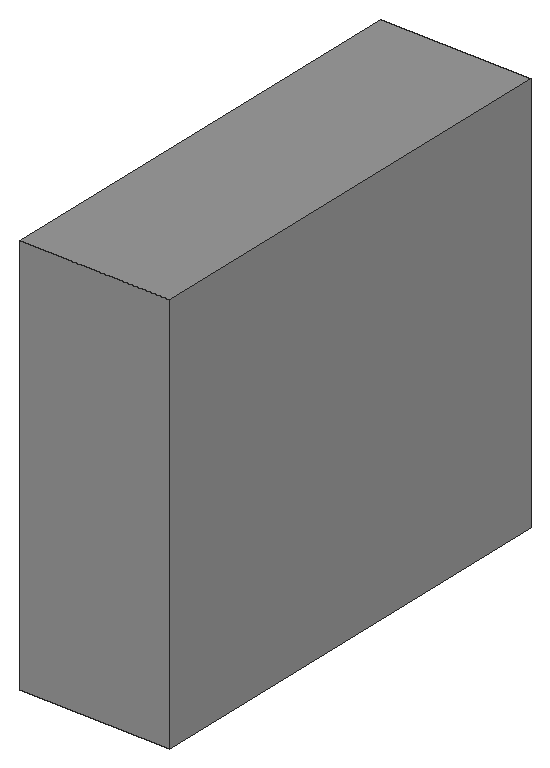
Revit family "PRE050012-FR", category Accessoire de canalisation, Revit 2017
Family settings
  Cote de connecteur circulaire = Utiliser le diamètre
  Type d'élément = Normal
  Basée sur le plan de construction = Non
  Toujours verticalement = Oui
  Couper avec des vides une fois chargée = Non
  Partagée = Non
Parameters (values of type "56632 PRESTO TOUCH SIMPLE PILE SS RA")
  Variantes = "56632-56633-56634-55635-56654"
  LC = 28 mm
  Garantie = "3"
  URL Fabricant = "http://www.prestodatashare.com/centretelechargement/index.php?lang=FR&refs=56632"
  URL = "http://www.prestodatashare.com/centretelechargement/index.php?lang=FR&refs=56632"
  Lien notice d'utilisation = "http://www.prestodatashare.com/centretelechargement/support.php?lang=FR&ref=56632"
  Lien fiche produit = "http://www.prestodatashare.com/espacedoc/Fiches_Techniques/FR/56632.pdf"
  Reference = "56632"
  Pression = "1 à 5 bars"
  Polantis code = "PRE050012-FR"
  Perte de charge = 0.0 Pa
  Profondeur = 168 mm
  Modèle = "56632 PRESTO TOUCH SIMPLE PILE SS RA"
  Matériau = Laiton poli chromé
  Lien CCTP = "http://www.prestodatashare.com/centretelechargement/index.php?lang=FR&refs=56632"
  Largeur = 56 mm
  PC = 30 mm
  Hauteur = 150 mm
  Fonction = "Pression d'utilisation recommandée :\r\n- 1 à 5 bars\r\n\r\nDébit :\r\n- 3 l/min par limiteur de débit intégré\r\n- Aérateur anti-tartre haute qualité\r\n- Dispositif anti-coup de bélier\r\n\r\nDurée d'écoulement :\r\n- 6 secondes (Réglable de 1 s à 5 min) et fonction marche/arrêt\r\n- Fréquence et durée d'écoulement forcé paramétrables\r\n\r\nAlimentation hydraulique:\r\n- G 3/8\" (12x17) en eau froide, chaude ou pré-mitigée\r\n\r\nAlimentation électrique :\r\n- Modèle avec pile lithium 6 volts type CRP2\r\n\r\nMatière et couleur de finition :\r\n- Composants en métal injecté avec traitement nickel-chrome\r\n- Corps en métal moulé injecté\r\n\r\nRésistance thermique :\r\n- Ce robinet résiste à une température de 75°C durant 30 minutes dans le cadre de chocs thermiques\r\n\r\nSécurité :\r\n- Fermeture automatique de l'électrovanne en cas d'usure de la pile\r\n\r\nLivré avec :\r\n- 1 Flexible PEX avec écrou femelle 3/8'' (12x17) et clapet anti-retour NF\r\n- 1 Joint filtre monté dans une douille laiton\r\n- 1 Bride de fixation\r\n- 1 Joint de bride\r\n- 1 Ecrou de fixation\r\n- 1 Notice de pose\r\n\r\nNormes / Agréments :\r\n- Traitement de surface Nickel-chrome selon NF EN12540\r\n- Résistance au brouillard salin neutre (NSS) : 200 h selon NF ISO 9227"
  Flux = 0.05 L/s
  Finition = "Composants en métal injecté avec traitement nickel-chrome\r\r\nCorps en métal moulé injecté"
  Fabricant = "LES ROBINETS PRESTO S.A."
  Diamètre Nominal = 12 mm
  Description = "Robinet simple sensitif (CE) temporisé (1s à 5mn) sur plage, alimentation en  eau froide ou mitigée. De type Presto TOUCH® réf. 56633 ou techniquement équivalent. Avec fonction start /stop par effleurement et régulateur de débit intégré (3 l/min). Alimentation par pile lithium 6 V intégrée dans le robinet. Avec flexibles PEX et filtre panier. Purge automatique paramétrable."
  Debit = "3 l/min par limiteur de débit intégré\r\r\nAérateur anti-tartre haute qualité\r\r\nDispositif anti-coup de bélier"
  Raccordement = "G 3/8\" (12x17) en eau froide, chaude ou pré-mitigée"
  Adresse = "7, RUE RACINE - 92542 MONTROUGE CEDEX FRANCE"
Types (5, lengths in mm): name | URL Fabricant | URL | Lien notice d'utilisation | Lien fiche produit | Reference | Polantis code | Modèle | Lien CCTP | Fonction | Flux | Description | Debit
  56632 PRESTO TOUCH SIMPLE PILE SS RA | "http://www.prestodatashare.com/centretelechargement/index.php?lang=FR&refs=56632" | "http://www.prestodatashare.com/centretelechargement/index.php?lang=FR&refs=56632" | "http://www.prestodatashare.com/centretelechargement/support.php?lang=FR&ref=56632" | "http://www.prestodatashare.com/espacedoc/Fiches_Techniques/FR/56632.pdf" | "56632" | "PRE050012-FR" | "56632 PRESTO TOUCH SIMPLE PILE SS RA" | "http://www.prestodatashare.com/centretelechargement/index.php?lang=FR&refs=56632" | "Pression d'utilisation recommandée :\r\n- 1 à 5 bars\r\n\r\nDébit :\r\n- 3 l/min par limiteur de débit intégré\r\n- Aérateur anti-tartre haute qualité\r\n- Dispositif anti-coup de bélier\r\n\r\nDurée d'écoulement :\r\n- 6 secondes (Réglable de 1 s à 5 min) et fonction marche/arrêt\r\n- Fréquence et durée d'écoulement forcé paramétrables\r\n\r\nAlimentation hydraulique:\r\n- G 3/8\" (12x17) en eau froide, chaude ou pré-mitigée\r\n\r\nAlimentation électrique :\r\n- Modèle avec pile lithium 6 volts type CRP2\r\n\r\nMatière et couleur de finition :\r\n- Composants en métal injecté avec traitement nickel-chrome\r\n- Corps en métal moulé injecté\r\n\r\nRésistance thermique :\r\n- Ce robinet résiste à une température de 75°C durant 30 minutes dans le cadre de chocs thermiques\r\n\r\nSécurité :\r\n- Fermeture automatique de l'électrovanne en cas d'usure de la pile\r\n\r\nLivré avec :\r\n- 1 Flexible PEX avec écrou femelle 3/8'' (12x17) et clapet anti-retour NF\r\n- 1 Joint filtre monté dans une douille laiton\r\n- 1 Bride de fixation\r\n- 1 Joint de bride\r\n- 1 Ecrou de fixation\r\n- 1 Notice de pose\r\n\r\nNormes / Agréments :\r\n- Traitement de surface Nickel-chrome selon NF EN12540\r\n- Résistance au brouillard salin neutre (NSS) : 200 h selon NF ISO 9227" | 0.05 L/s | "Robinet simple sensitif (CE) temporisé (1s à 5mn) sur plage, alimentation en  eau froide ou mitigée. De type Presto TOUCH® réf. 56633 ou techniquement équivalent. Avec fonction start /stop par effleurement et régulateur de débit intégré (3 l/min). Alimentation par pile lithium 6 V intégrée dans le robinet. Avec flexibles PEX et filtre panier. Purge automatique paramétrable." | "3 l/min par limiteur de débit intégré\r\r\nAérateur anti-tartre haute qualité\r\r\nDispositif anti-coup de bélier"
  56654 PRESTO TOUCH SIMPLE PILE RA - DEBIT 2L/MIN | "http://www.prestodatashare.com/centretelechargement/index.php?lang=FR&refs=56654" | "http://www.prestodatashare.com/centretelechargement/index.php?lang=FR&refs=56654" | "http://www.prestodatashare.com/centretelechargement/support.php?lang=FR&ref=56654" | "http://www.prestodatashare.com/espacedoc/Fiches_Techniques/FR/56654.pdf" | "56654" | "PRE050012d-FR" | "56654 PRESTO TOUCH SIMPLE PILE RA - DEBIT 2L/MIN" | "http://www.prestodatashare.com/centretelechargement/index.php?lang=FR&refs=56654" | "Pression d'utilisation recommandée :\r\n- 1 à 5 bars\r\n\r\nDébit :\r\n- 1,9 l/min par sprayer limiteur de débit intégré\r\n- Aérateur anti-tartre haute qualité\r\n- Dispositif anti-coup de bélier\r\n\r\nDurée d'écoulement :\r\n- 6 secondes (Réglable de 1 s à 5 min) et fonction marche/arrêt\r\n- Fréquence et durée d'écoulement forcé paramétrables\r\n\r\nAlimentation hydraulique:\r\n- G 3/8\" (12x17) en eau froide, chaude ou pré-mitigée\r\n\r\nAlimentation électrique :\r\n- Modèle avec pile lithium 6 volts type CRP2\r\n\r\nMatière et couleur de finition :\r\n- Composants en métal injecté avec traitement nickel-chrome\r\n- Corps en métal moulé injecté\r\n\r\nRésistance thermique :\r\n- Ce robinet résiste à une température de 75°C durant 30 minutes dans le cadre de chocs thermiques\r\n\r\nSécurité :\r\n- Fermeture automatique de l'électrovanne en cas d'usure de la pile\r\n\r\nLivré avec :\r\n- 1 Flexible PEX avec écrou femelle 3/8'' (12x17) et clapet anti-retour NF\r\n- 1 Joint filtre monté dans une douille laiton\r\n- 1 Robinet d'arrêt droit G 3/8'' (12x17)\r\n- 1 Bride de fixation\r\n- 1 Joint de bride\r\n- 1 Ecrou de fixation\r\n- 1 Notice de pose\r\n\r\nNormes / Agréments :\r\n- Traitement de surface Nickel-chrome selon NF EN12540\r\n- Résistance au brouillard salin neutre (NSS) : 200 h selon NF ISO 9227" | 0.0316667 L/s | "Robinet simple sensitif (CE) temporisé (1s à 5mn) sur plage, alimentation en  eau froide ou mitigée. De type Presto TOUCH® réf. 56654 ou techniquement équivalent. Avec fonction start /stop par effleurement et limiteur de débit intégré (1,9 l/mn). Alimentation par pile lithium 6 V intégrée dans le robinet. Avec flexibles PEX, robinet d’arrêt droit et filtre panier. Purge automatique paramétrable." | "1,9 l/min par limiteur de débit intégré\r (sprayer)\r\n Aérateur anti-tartre haute qualité\r\r\n Dispositif anti-coup de bélier"
  56635 PRESTO TOUCH SIMPLE SECTEUR RA | "http://www.prestodatashare.com/centretelechargement/index.php?lang=FR&refs=56635" | "http://www.prestodatashare.com/centretelechargement/index.php?lang=FR&refs=56635" | "http://www.prestodatashare.com/centretelechargement/support.php?lang=FR&ref=56635" | "http://www.prestodatashare.com/espacedoc/Fiches_Techniques/FR/56635.pdf" | "56635" | "PRE050012c-FR" | "56635 PRESTO TOUCH SIMPLE SECTEUR RA" | "http://www.prestodatashare.com/centretelechargement/index.php?lang=FR&refs=56635" | "Pression d'utilisation recommandée :\r\n- 1 à 5 bars\r\n\r\nDébit :\r\n- 3 l/min par limiteur de débit intégré\r\n- Aérateur anti-tartre haute qualité\r\n- Dispositif anti-coup de bélier\r\n\r\nDurée d'écoulement :\r\n- 6 secondes (Réglable de 1 s à 5 min) et fonction marche/arrêt\r\n- Fréquence et durée d'écoulement forcé paramétrables\r\n\r\nAlimentation hydraulique:\r\n- G 3/8\" (12x17) en eau froide, chaude ou pré-mitigée\r\n\r\nAlimentation électrique :\r\n- Avec transformateur 230 VAC / 7 VDC dans boîtier étanche IP65\r\n\r\nMatière et couleur de finition :\r\n- Composants en métal injecté avec traitement nickel-chrome\r\n- Corps en métal moulé injecté\r\n\r\nRésistance thermique :\r\n- Ce robinet résiste à une température de 75°C durant 30 minutes dans le cadre de chocs thermiques\r\n\r\nSécurité :\r\n- Fermeture automatique de l'électrovanne en cas d'absence d'alimentation\r\n\r\nLivré avec :\r\n- 1 Flexible PEX avec écrou femelle 3/8\" (12x17) et clapet anti-retour NF\r\n- 1 Joint filtre monté dans une douille laiton\r\n- 1 Robinet d'arrêt droit G 3/8'' (12x17)\r\n- 1 Bride de fixation\r\n- 1 Joint de bride\r\n- 1 Ecrou de fixation\r\n- 1 Notice de pose\r\n\r\nNormes / Agréments :\r\n- Traitement de surface Nickel-chrome selon NF EN12540\r\n- Résistance au brouillard salin neutre (NSS) : 200 h selon NF ISO 9227" | 0.05 L/s | "Robinet simple sensitif (CE) temporisé (1s à 5mn) sur plage, alimentation en  eau froide ou mitigée. De type Presto TOUCH® réf. 56635 ou techniquement équivalent. Avec fonction start /stop par effleurement et régulateur de débit intégré (3 l/min). Alimentation secteur par transformateur 230/7 Volt déporté dans boîtier étanche IP65. Avec flexible PEX, robinet d’arrêt droit et filtre panier. Purge automatique paramétrable." | "3 l/min par limiteur de débit intégré\r\r\nAérateur anti-tartre haute qualité\r\r\nDispositif anti-coup de bélier"
  56634 PRESTO TOUCH SIMPLE SECTEUR SS RA | "http://www.prestodatashare.com/centretelechargement/index.php?lang=FR&refs=56634" | "http://www.prestodatashare.com/centretelechargement/index.php?lang=FR&refs=56634" | "http://www.prestodatashare.com/centretelechargement/support.php?lang=FR&ref=56634" | "http://www.prestodatashare.com/espacedoc/Fiches_Techniques/FR/56634.pdf" | "56634" | "PRE050012b-FR" | "56634 PRESTO TOUCH SIMPLE SECTEUR SS RA" | "http://www.prestodatashare.com/centretelechargement/index.php?lang=FR&refs=56634" | "Pression d'utilisation recommandée :\r\n- 1 à 5 bars\r\n\r\nDébit :\r\n- 3 l/min par limiteur de débit intégré\r\n- Aérateur anti-tartre haute qualité\r\n- Dispositif anti-coup de bélier\r\n\r\nDurée d'écoulement :\r\n- 6 secondes (Réglable de 1 s à 5 min) et fonction marche/arrêt\r\n- Fréquence et durée d'écoulement forcé paramétrables\r\n\r\nAlimentation hydraulique:\r\n- G 3/8\" (12x17) en eau froide, chaude ou pré-mitigée\r\n\r\nAlimentation électrique :\r\n- Avec transformateur 230 VAC / 7 VDC dans boîtier étanche IP65\r\n\r\nMatière et couleur de finition :\r\n- Composants en métal injecté avec traitement nickel-chrome\r\n- Corps en métal moulé injecté\r\n\r\nRésistance thermique :\r\n- Ce robinet résiste à une température de 75°C durant 30 minutes dans le cadre de chocs thermiques\r\n\r\nSécurité :\r\n- Fermeture automatique de l'électrovanne en cas d'absence d'alimentation\r\n\r\nLivré avec :\r\n- 1 Flexible PEX avec écrou femelle 3/8\" (12x17) et clapet anti-retour NF\r\n- 1 Joint filtre monté dans une douille laiton\r\n- 1 Bride de fixation\r\n- 1 Joint de bride\r\n- 1 Ecrou de fixation\r\n- 1 Notice de pose\r\n\r\nNormes / Agréments :\r\n- Traitement de surface Nickel-chrome selon NF EN12540\r\n- Résistance au brouillard salin neutre (NSS) : 200 h selon NF ISO 9227" | 0.05 L/s | "Robinet simple sensitif (CE) temporisé (1s à 5mn) sur plage, alimentation en  eau froide ou mitigée. De type Presto TOUCH® réf. 56634 ou techniquement équivalent. Avec fonction start /stop par effleurement et régulateur de débit intégré (3 l/min). Alimentation secteur par transformateur 230/7 Volt déporté dans boîtier étanche IP65. Avec flexible PEX  et filtre panier. Purge automatique paramétrable." | "3 l/min par limiteur de débit intégré\r\r\nAérateur anti-tartre haute qualité\r\r\nDispositif anti-coup de bélier"
  56633 PRESTO TOUCH SIMPLE PILE RA | "http://www.prestodatashare.com/centretelechargement/index.php?lang=FR&refs=56633" | "http://www.prestodatashare.com/centretelechargement/index.php?lang=FR&refs=56633" | "http://www.prestodatashare.com/centretelechargement/support.php?lang=FR&ref=56633" | "http://www.prestodatashare.com/espacedoc/Fiches_Techniques/FR/56633.pdf" | "56633" | "PRE050012a-FR" | "56633 PRESTO TOUCH SIMPLE PILE RA" | "http://www.prestodatashare.com/centretelechargement/index.php?lang=FR&refs=56633" | "Pression d'utilisation recommandée :\r\n- 1 à 5 bars\r\n\r\nDébit :\r\n- 3 l/min par limiteur de débit intégré\r\n- Aérateur anti-tartre haute qualité\r\n- Dispositif anti-coup de bélier\r\n\r\nDurée d'écoulement :\r\n- 6 secondes (Réglable de 1 s à 5 min) et fonction marche/arrêt\r\n- Fréquence et durée d'écoulement forcé paramétrables\r\n\r\nAlimentation hydraulique:\r\n- G 3/8\" (12x17) en eau froide, chaude ou pré-mitigée\r\n\r\nAlimentation électrique :\r\n- Modèle avec pile lithium 6 volts type CRP2\r\n\r\nMatière et couleur de finition :\r\n- Composants en métal injecté avec traitement nickel-chrome\r\n- Corps en métal moulé injecté\r\n\r\nRésistance thermique :\r\n- Ce robinet résiste à une température de 75°C durant 30 minutes dans le cadre de chocs thermiques\r\n\r\nSécurité :\r\n- Fermeture automatique de l'électrovanne en cas d'usure de la pile\r\n\r\nLivré avec :\r\n- 1 Flexible PEX avec écrou femelle 3/8'' (12x17) et clapet anti-retour NF\r\n- 1 Joint filtre monté dans une douille laiton\r\n- 1 Robinet d'arrêt droit G 3/8'' (12x17)\r\n- 1 Bride de fixation\r\n- 1 Joint de bride\r\n- 1 Ecrou de fixation\r\n- 1 Notice de pose\r\n\r\nNormes / Agréments :\r\n- Traitement de surface Nickel-chrome selon NF EN12540\r\n- Résistance au brouillard salin neutre (NSS) : 200 h selon NF ISO 9227" | 0.05 L/s | "Robinet simple sensitif (CE) temporisé (1s à 5mn) sur plage, alimentation en  eau froide ou mitigée. De type Presto TOUCH® réf. 56633 ou techniquement équivalent. Avec fonction start /stop par effleurement et régulateur de débit intégré (3 l/min). Alimentation par pile lithium 6 V intégrée dans le robinet. Avec flexibles PEX, robinet d’arrêt droit et filtre panier. Purge automatique paramétrable." | "3 l/min par limiteur de débit intégré\r\r\nAérateur anti-tartre haute qualité\r\r\nDispositif anti-coup de bélier"
Reference planes
  plane 1 "Centre (avant/arrière)": y = 0
  plane 2: z = 0
  plane 3 "Centre (gauche/droite)": x = 0
  plane 4: y = -168
  plane 5: x = 56
  plane 6: z = 150
  plane 7: x = 28
  plane 8: z = 1
  plane 9: y = -30
  plane 10: x = 28
Forms (mm)
  Extrusion 1, solid, material "Laiton poli chromé" <- "Matériau", detail levels fine
    sketch origin (0, 0, 0) x (1, 0, 0) y (0, 1, 0)
      loop
        line (0, 0) -> (0, -168) -> (56, -168) -> (56, 0) -> (0, 0)
    from 0 to 150
  Extrusion 2, solid, material "Laiton poli chromé" <- "Matériau", detail levels fine
    sketch origin (0, 0, 0) x (1, 0, 0) y (0, 1, 0)
      loop
        circle (28, -30) r 5
    from 0 to 1
Cuts and joins
  joined: Extrusion 1, Extrusion 2
Dimensions and locks
  "Profondeur": plane 1 "Centre (avant/arrière)" to plane 4
  "Largeur": plane 3 "Centre (gauche/droite)" to plane 5
  "Hauteur": plane 6 to level
  equal spacing: plane 3 "Centre (gauche/droite)", plane 7, plane 5
  locked: plane 8 to plane 2 at 1
  "PC": plane 1 "Centre (avant/arrière)" to plane 9
  "LC": plane 3 "Centre (gauche/droite)" to plane 10
  aligned and locked: level to plane 2
  aligned and locked: plane 1 "Centre (avant/arrière)" to Extrusion 1 sketch curve
  aligned and locked: plane 3 "Centre (gauche/droite)" to Extrusion 1 sketch curve
  aligned and locked: plane 4 to Extrusion 1 sketch curve
  aligned and locked: plane 5 to Extrusion 1 sketch curve
  aligned and locked: plane 6 to Extrusion 1
  aligned and locked: plane 8 to Extrusion 2
  aligned and locked: plane 9 to nested 1
  aligned and locked: plane 7 to nested 1
  aligned and locked: nested 2 to plane 4
  aligned and locked: nested 2 to plane 3 "Centre (gauche/droite)"
Automatic sketch dimensions
  Extrusion 2 sketch curve to plane 9 = 0 mm
  Extrusion 2 sketch curve to plane 10 = 0 mm
  radius of Extrusion 2 sketch curve = 5 mm
Nested families
  nested 1: "SymboliqueA6" at (0, -30, 0) x (0, 1, 0) z (0, 0, 1), type "SymboliqueA6", detail levels coarse+medium
  nested 2: "S2DA6" at (56, -84, 0) x (0, 1, 0) z (0, 0, 1), type "S2DA6", detail levels coarse+medium
Connectors
  piping at (28, -30, 0), diameter 12, driven by "Diamètre Nominal", driven by "Flux", driven by "Perte de charge"
    settings: on Extrusion 2, index 3, connector inside diameter 609.6 mm, connector length 0 mm, flow factor 0, pipe flow 0.05 L/s, pressure drop 0.0 Pa, fitting loss kfactor 0, connector angle 0.00°, fixture units 0, engagement length 0 mm, angle of deflection 0.00°, flow configuration 0, flow direction 1, fitting loss method 4, system type 22, joint type 0, gender type 0, connector reference index -1, connector utility 0, adjustable connector no, is connector primary yes, connector description ""
Definition of nested family "SymboliqueA6"
  Parameters (values of type "SymboliqueA6")
    V = yes
    P = 1000 mm
    L = 1000 mm
    H = 1000 mm
  Reference planes
    plane 1 "Centre (avant/arrière)": y = 0
    plane 2: z = 0
    plane 3 "Centre (gauche/droite)": x = 0
    plane 4: y = -1000
    plane 5: x = -500
    plane 6: x = 500
    plane 7: z = 1000
    plane 8: z = 500
    plane 9: y = -500
  Lines and regions (mm)
    model lines
      curve 1: line (0, -1000, 1000) -> (0, 0, 0)
      curve 2: line (0, 0, 0) -> (0, -1000, 0)
      curve 3: line (0, -1000, 0) -> (0, 0, 1000)
      curve 4: line (0, 0, 1000) -> (0, -1000, 1000)
  Dimensions and locks
    "H": plane 7 to plane 2
    equal spacing: plane 5, plane 3 "Centre (gauche/droite)", plane 6
    "L": plane 5 to plane 6
    equal spacing: plane 7, plane 8, level
    equal spacing: plane 4, plane 9, plane 1 "Centre (avant/arrière)"
    "P": plane 1 "Centre (avant/arrière)" to plane 4
    aligned and locked: level to plane 2
  Automatic sketch dimensions
    curve 3 to level = 0 mm
    curve 1 to plane 1 "Centre (avant/arrière)" = 0 mm
    curve 1 to plane 7 = 0 mm
    curve 3 to plane 4 = 0 mm
    curve 3 to plane 1 "Centre (avant/arrière)" = 0 mm
    curve 4 to plane 4 = 0 mm
Definition of nested family "S2DA6"
  Parameters (values of type "S2DA6")
    P = 788.322 mm
    L = 1600 mm
    H = 1250.021 mm
  Reference planes
    plane 1 "Centre (avant/arrière)": y = 0
    plane 2: z = 0
    plane 3 "Centre (gauche/droite)": x = 0
    plane 4: y = 788.322
    plane 5: x = -800
    plane 6: x = 800
    plane 7: y = 394.161
    plane 8: z = 1250.021
    plane 9: z = 625.01
  Lines and regions (mm)
    symbolic lines
      curve 1: line (-800, 788.322, 0) -> (800, 0, 0)
      curve 2: line (800, 0, 0) -> (800, 788.322, 0)
      curve 3: line (800, 788.322, 0) -> (-800, 0, 0)
      curve 4: line (-800, 0, 0) -> (-800, 788.322, 0)
      curve 5: line (800, 0, 1250.021) -> (-800, 0, 1250.021)
      curve 6: line (-800, 0, 1250.021) -> (800, 0, 0)
      curve 7: line (800, 0, 0) -> (-800, 0, 0)
      curve 8: line (800, 0, 1250.021) -> (-800, 0, 0)
      curve 9: line (0, 788.322, 0) -> (0, 0, 1250.021)
      curve 10: line (0, 0, 1250.021) -> (0, 788.322, 1250.021)
      curve 11: line (0, 788.322, 1250.021) -> (0, 0, 0)
      curve 12: line (0, 0, 0) -> (0, 788.322, 0)
  Dimensions and locks
    equal spacing: plane 5, plane 3 "Centre (gauche/droite)", plane 6
    equal spacing: plane 1 "Centre (avant/arrière)", plane 7, plane 4
    "P": plane 1 "Centre (avant/arrière)" to plane 4
    "L": plane 5 to plane 6
    equal spacing: plane 8, plane 9, level
    "H": plane 8 to plane 2
    aligned and locked: level to plane 2
  Automatic sketch dimensions
    plane 1 "Centre (avant/arrière)" to curve 3 = 0 mm
    curve 1 to plane 4 = 0 mm
    curve 3 to plane 4 = 0 mm
    plane 1 "Centre (avant/arrière)" to curve 2 = 0 mm
    curve 3 to plane 6 = 0 mm
    curve 4 to plane 5 = 0 mm
    curve 10 to plane 1 "Centre (avant/arrière)" = 0 mm
    curve 10 to plane 8 = 0 mm
    curve 11 to plane 4 = 0 mm
    curve 12 to level = 0 mm
    curve 12 to plane 1 "Centre (avant/arrière)" = 0 mm
    curve 12 to plane 4 = 0 mm
    plane 5 to curve 5 = 0 mm
    curve 8 to level = 0 mm
    plane 5 to curve 8 = 0 mm
    plane 6 to curve 7 = 0 mm
    plane 6 to curve 8 = 0 mm
    curve 6 to plane 8 = 0 mm
